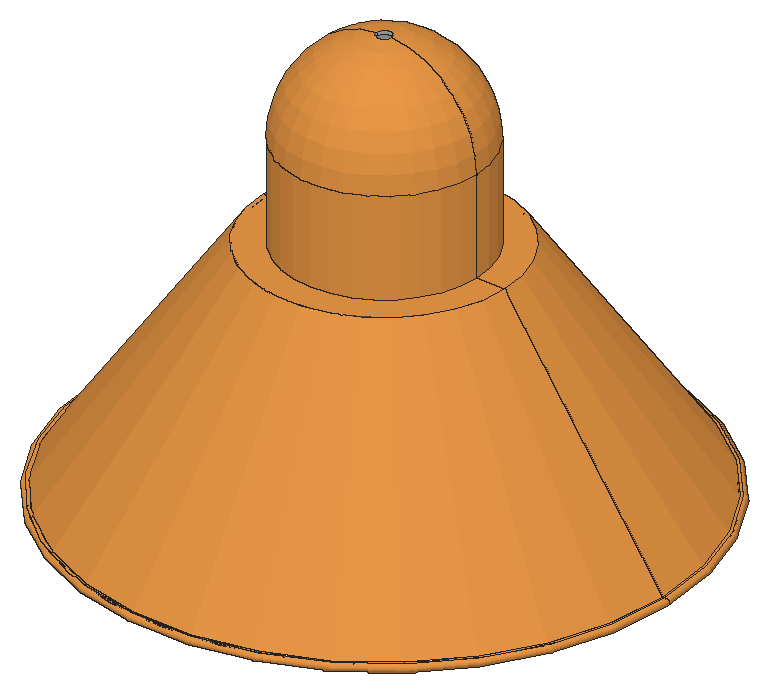
Revit family "SBH20 SHADE", category Lighting Fixtures, Revit 2024
Family settings
  Round Connector Dimension = Use Diameter
  Part Type = Normal
  OmniClass Number = 23.80.70.00
  OmniClass Title = Lighting
  Work Plane-Based = No
  Always vertical = Yes
  Cut with Voids When Loaded = No
  Light Source = Yes
  Maintain Annotation Orientation = No
  Shared = No
  Room Calculation Point = No
Parameters
  Wattage = 12.1178 W
  built-in parameter 1150110 = 1 (stored number, unit not read)
  built-in parameter 1114217 = 1 (stored number, unit not read)
  built-in parameter 1150109 = 1 (stored number, unit not read)
  built-in parameter 1150134 = (empty or 0)
  built-in parameter 1150113 = 1 (stored number, unit not read)
  Lumens = 1800 lm
  built-in parameter 1150115 = 1 (stored number, unit not read)
  built-in parameter 1150105 = 572.96 (stored number, unit not read)
  Light Source Symbol Size = 2' - 0"
  built-in parameter 1150137 = (empty or 0)
  built-in parameter 1150139 = (empty or 0)
  built-in parameter 1150112 = 1 (stored number, unit not read)
  built-in parameter 1150114 = 1 (stored number, unit not read)
  built-in parameter 1150132 = 2
  built-in parameter 1150102 = (empty or 0)
  built-in parameter 1150138 = (empty or 0)
  built-in parameter 1150107 = 3000 (stored number, unit not read)
  built-in parameter 1150106 = 5.7296 (stored number, unit not read)
  built-in parameter 1150104 = 13.8 (stored number, unit not read)
  Dimming Lamp Color Temperature Shift = (empty or 0)
  Default Elevation = 0' - 0"
  Color Filter = 16777215
  built-in parameter 1114218 = 1 (stored number, unit not read)
  built-in parameter 1150133 = 10 (stored number, unit not read)
Reference planes (in)
  plane 1 "Light Source Axis (F/B)": y = 0
  plane 2: z = 0
  plane 3 "Light Source Axis (L/R)": x = 0
  plane 4 "Light Source Elevation": z = 84
Forms (in)
  Revolve 1, solid
    sketch origin (0, 0, 0) x (1, 0, 0) y (0, 0, 1)
      loop
        line (-9.75, 84.12543) -> (-4.20171, 91.90625) -> (-3.15625, 91.90625) -> (-3.15625, 95.25)
        arc (-3.15625, 95.25) -> (-2.31851, 97.39159) -> (-0.25, 98.39633) r 3.15625
        line (-0.25, 98.39633) -> (-0.25, 98.49037)
        arc (-0.25, 98.49037) -> (-2.38485, 97.45794) -> (-3.25, 95.25) r 3.25
        line (-3.25, 95.25) -> (-3.25, 92) -> (-4.25, 92) -> (-9.77632, 84.25) -> (-9.875, 84.25)
        arc (-9.875, 84.25) -> (-9.96324, 84.03646) -> (-9.75, 84.12543) r 0.125
      loop
        line (-2.10503, 93.98182) -> (-2.10503, 88.66167)
        arc (-2.10503, 88.66167) -> (-1.48848, 87.17319) -> (0, 86.55664) r 2.10503
        line (0, 86.55664) -> (0, 86.65039)
        arc (0, 86.65039) -> (-1.42219, 87.23948) -> (-2.01128, 88.66167) r 2.01128
        line (-2.01128, 88.66167) -> (-2.01128, 93.98182) -> (-2.10503, 93.98182)
      axis (0, 98.49037) -> (0, 84.12543)
    angle from 0 to 360
Dimensions and locks (in)
  aligned and locked: plane 3 "Light Source Axis (L/R)" to imposter light
  aligned and locked: plane 1 "Light Source Axis (F/B)" to imposter light
  aligned and locked: plane 4 "Light Source Elevation" to imposter light
  aligned and locked: level to plane 2
